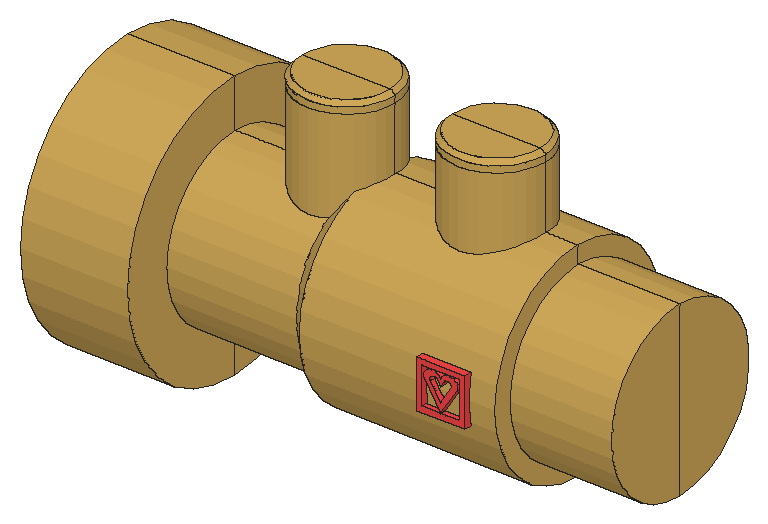
Revit family "Обратный клапан 2623", category Rohrzubehör, Revit 2021
Family settings
  Bemaßung runder Anschluss = Durchmesser verwenden
  Teiletyp = Unterbricht
  OmniClass-Nummer = 23.65.55.14
  OmniClass-Titel = Valves for Liquid Services
  Arbeitsebenenbasiert = Nein
  Immer vertikal = Ja
  Beim Laden mit Abzugskörper schneiden = Nein
  Gemeinsam genutzt = Nein
Parameters
  Уплотнение = "EPDM"  # constant formula
  Резьба = "согласно ISO 228"  # constant formula
  Примечание = "В соответствии со статьей 33 Регламента REACH (Registration; Evaluation; Authorisation; Restriction of Chemicals) (EC № 1907/2006) мы обязаны указать, что свинец внесен в список SVHC (Substances of Very High Concern - вещества очень высокой важности) и весовой процент свинца во всех латунных компонентах заводского изготовления в наших изделиях, превышает 0,1 % (w/w) (CAS: 7439-92-1 / EINECS: 231-100-4).\r\nПоскольку свинец является легирующим компонентом сплава, прямое негативное влияние исключается, и поэтому дополнительной информации о безопасном использовании не требуется."
  Область применения = "Может использоваться в системах отопления, в инженерных системах и сооружениях для предотвращения движения потока в обратном направлении.\r\nЭто изделие может использоваться с различными средами, при этом жидкости должны быть чистыми.\r\nКлапан может монтироваться в любом положении.\r\nНаправление движения потока указано стрелкой на корпусе клапана.\r\nОбратный клапан подпружинен с помощью осевой направляющей и может работать как при высоком, так и при низком давлении.\r\nВ корпусе есть два отверстия для замеров, в каждое из которых установлены заглушки 1/4\"."
  Номер заказа [instance] = size_lookup("2623_", "Artnr", 0, Nennweite)  # 1262304
  Мин. рабочая температура (вода) = 0.5 °C  # constant formula
  Мин. рабочая температура = -10 °C  # constant formula
  Макс. рабочее давление = 1600000.0 Pa  # constant formula
  Макс. рабочая температура = 95 °C  # constant formula
  Корпус = "штампованная латунь согласно EN 12420"  # constant formula
  W01 = 45.00°  # constant formula
  Vorgabe-Ansicht = 0.00 mm
  URL = "www.herz-armaturen.ru"
  Заглушка = "латунь"  # constant formula
  SC_NennweiteBerechnet = 0
  SC_Dimension = ""
  SCTWSEQ = "FW;SBT_TYP_FW=\"108\";2"
  SCTWCODE = "04;14;02"  # constant formula
  S03 = 10.00 mm  # constant formula
  S02 [instance] = L00 / 2  # 44.00 mm
  S01 [instance] = (L00 / 2) + L07 - L06  # 59.00 mm
  Обратный клапан = "POM (корпус),  NBR (O-Ring), нержавеющая сталь AISI 302 (пружина)"  # constant formula
  R01 = 9.00 mm  # constant formula
  Nennweite [instance] = 32.00 mm
  Среда = "чистая вода"  # constant formula
  LO1 [instance] = if(Nennweite = 20.00 mm, 18.00 mm, if(Nennweite = 25.00 mm, 18.00 mm, if(Nennweite = 32.00 mm, 24.00 mm, 1.00 mm)))  # 24.00 mm
  L07 [instance] = size_lookup("2623_", "L7", 1.00 mm, Nennweite)  # 20.00 mm
  L06 [instance] = size_lookup("2623_", "L6", 1.00 mm, Nennweite)  # 5.00 mm
  L05 [instance] = size_lookup("2623_", "L5", 1.00 mm, Nennweite) + L04  # 53.90 mm
  L04 [instance] = size_lookup("2623_", "L4", 1.00 mm, Nennweite)  # 25.90 mm
  L03 [instance] = size_lookup("2623_", "L3", 1.00 mm, Nennweite)  # 19.00 mm
  L02 [instance] = size_lookup("2623_", "L2", 1.00 mm, Nennweite)  # 32.50 mm
  L01 [instance] = size_lookup("2623_", "L1", 1.00 mm, Nennweite)  # 2.50 mm
  L00 [instance] = size_lookup("2623_", "L", 1.00 mm, Nennweite)  # 88.00 mm
  IG [instance] = Nennweite / 2  # 16.00 mm
  Hersteller = "HERZ Armaturen Ges.m.b.H."  # constant formula
  H02 = 2.00 mm  # constant formula
  H01 [instance] = size_lookup("2623_", "H1", 1.00 mm, Nennweite)  # 31.00 mm
  GT [instance] = size_lookup("2623_", "GT", 1.00 mm, Nennweite)  # 12.00 mm
  Накидная гайка = "штампованная латунь"  # constant formula
  D04 [instance] = size_lookup("2623_", "D4", 1.00 mm, Nennweite)  # 25.00 mm
  D03 [instance] = size_lookup("2623_", "D3", 1.00 mm, Nennweite)  # 19.30 mm
  D02 [instance] = size_lookup("2623_", "D2", 1.00 mm, Nennweite)  # 16.00 mm
  D01 [instance] = size_lookup("2623_", "D1", 1.00 mm, Nennweite)  # 18.90 mm
  AG [instance] = Nennweite / 2  # 16.00 mm
Reference planes
  plane 1 "Mitte (Vorne/hinten)": y = 0
  plane 2: z = 0
  plane 3 "Mitte (Links/rechts)": x = 0
Forms (mm)
  Revolve 1, solid, material "Messing, weicher Gelbton, geschweißt", detail levels fine
    sketch origin (0, 0, 0) x (1, 0, 0) y (0, 0, 1)
      loop
        line (-44, 0) -> (44, 0) -> (44, 16) -> (25, 16) -> (25, 19.3) -> (-11.5, 19.3) -> (-14.8, 16) -> (-41.5, 16) -> (-41.5, 18.9) -> (-44, 18.9) -> (-44, 0)
      axis (-44, 0) -> (44, 0)
    angle from 0 to 360
  Revolve 2, solid, material "Messing, weicher Gelbton, geschweißt", detail levels fine
    sketch origin (0, 0, 0) x (1, 0, 0) y (0, 0, 1)
      loop
        line (-18.1, 0) -> (-9.1, 0) -> (-9.1, 31) -> (-18.1, 31) -> (-18.1, 0)
      axis (-18.1, 31) -> (-18.1, 0)
    angle from 0 to 360
  Revolve 3, solid, material "Messing, weicher Gelbton, geschweißt", detail levels fine
    sketch origin (0, 0, 0) x (1, 0, 0) y (0, 0, 1)
      loop
        line (9.9, 0) -> (18.9, 0) -> (18.9, 31) -> (9.9, 31) -> (9.9, 0)
      axis (9.9, 31) -> (9.9, 0)
    angle from 0 to 360
  Revolve 4, solid, material "Messing, weicher Gelbton, geschweißt", detail levels fine
    sketch origin (0, 0, 0) x (1, 0, 0) y (0, 0, 1)
      loop
        line (-39, 0) -> (-39, 25) -> (-59, 25) -> (-59, 16) -> (-47, 16) -> (-47, 0) -> (-39, 0)
      axis (-59, 0) -> (-39, 0)
    angle from 0 to 360
  Revolve 5, solid, material "Messing, weicher Gelbton, geschweißt", detail levels fine
    sketch origin (0, 0, 0) x (1, 0, 0) y (0, 0, 1)
      loop
        line (-18.1, 31) -> (-9.1, 31) -> (-9.1, 32.2) -> (-9.9, 33) -> (-18.1, 33) -> (-18.1, 31)
      axis (-18.1, 33) -> (-18.1, 31)
    angle from 0 to 360
  Revolve 6, solid, material "Messing, weicher Gelbton, geschweißt", detail levels fine
    sketch origin (0, 0, 0) x (1, 0, 0) y (0, 0, 1)
      loop
        line (9.9, 31) -> (18.9, 31) -> (18.9, 32.2) -> (18.1, 33) -> (9.9, 33) -> (9.9, 31)
      axis (9.9, 31) -> (9.9, 33)
    angle from 0 to 360
Lines and regions (mm)
  model lines, detail levels coarse+medium
    curve 1: line (-59, 0, 25) -> (-59, 0, -25)
    curve 2: line (-59, 0, 25) -> (44, 0, -25)
    curve 3: line (44, 0, -25) -> (44, 0, 25)
    curve 4: circle (-59, 0, 25) r 10 normal (0, -1, 0)
    curve 5: line (-59, -25, 0) -> (-59, 25, 0)
    curve 6: line (-59, 25, 0) -> (44, -25, 0)
    curve 7: line (44, -25, 0) -> (44, 25, 0)
    curve 8: circle (-59, 25, 0) r 10 normal (0, 0, 1)
Dimensions and locks
  equal spacing: Revolve 1 sketch curve, plane 3 "Mitte (Links/rechts)", Revolve 1 sketch curve
  "L00": Revolve 1 sketch curve to Revolve 1 sketch curve
  "AG": Revolve 1 sketch curve to plane 2
  "L01": Revolve 1 sketch curve to Revolve 1 sketch curve
  "L02": Revolve 1 sketch curve to Revolve 1 sketch curve
  "D01": Revolve 1 sketch curve to plane 2
  "D02": Revolve 1 sketch curve to plane 2
  "D03": Revolve 1 sketch curve to plane 2
  "L03": Revolve 1 sketch curve to Revolve 1 sketch curve
  "R01": Revolve 2 sketch curve to Revolve 2 sketch curve
  "H01": Revolve 2 sketch curve to plane 2
  "L04": Revolve 1 to Revolve 2 sketch curve
  "L05": Revolve 1 to Revolve 3 sketch curve
  "R01": Revolve 3 sketch curve to Revolve 3 sketch curve
  "H01": Revolve 3 sketch curve to plane 2
  "D03": nested 1 to plane 1 "Mitte (Vorne/hinten)"
  "LO1": nested 1 to Revolve 1
  "L06": Revolve 1 to Revolve 4 sketch curve
  "L07": Revolve 4 sketch curve to Revolve 4 sketch curve
  "GT": Revolve 4 sketch curve to Revolve 4 sketch curve
  "D04": Revolve 4 sketch curve to plane 2
  "IG": Revolve 4 sketch curve to Revolve 4 sketch curve
  "H01": Revolve 5 sketch curve to plane 2
  "H02": Revolve 5 sketch curve to Revolve 5 sketch curve
  "R01": Revolve 5 sketch curve to Revolve 5 sketch curve
  "L04": Revolve 1 to Revolve 5 sketch curve
  "R01": Revolve 6 sketch curve to Revolve 6 sketch curve
  "H01": Revolve 6 sketch curve to plane 2
  "H02": Revolve 6 sketch curve to Revolve 6 sketch curve
  "L05": Revolve 6 sketch curve to Revolve 1
  "D04": curve 2 to plane 2 to curve 1
  "D04": curve 3 to plane 2 to curve 3
  "S01": curve 1 to plane 3 "Mitte (Links/rechts)"
  "S02": curve 3 to plane 3 "Mitte (Links/rechts)"
  "S01": plane 3 "Mitte (Links/rechts)" to curve 4
  "D04": curve 5 to plane 1 "Mitte (Vorne/hinten)" to curve 6
  "D04": curve 7 to plane 1 "Mitte (Vorne/hinten)" to curve 7
  "S01": curve 5 to plane 3 "Mitte (Links/rechts)"
  "S02": plane 3 "Mitte (Links/rechts)" to curve 7
  "S01": curve 8 to plane 3 "Mitte (Links/rechts)"
  "S03": radius of curve 4
  "S03": radius of curve 8
  "W01": angle Revolve 1 sketch curve to Revolve 1 sketch curve
  "W01": angle Revolve 5 sketch curve to Revolve 5 sketch curve
  "W01": angle Revolve 6 sketch curve to Revolve 6 sketch curve
  aligned and locked: level to plane 2
Automatic sketch dimensions
  curve 4 to curve 1 = 0.00 mm
  curve 8 to curve 5 = 0.00 mm
  Revolve 1 sketch curve to level = 0.00 mm  (x2)
  Revolve 1 sketch curve to Revolve 1 sketch curve = 0.00 mm
  Revolve 1 sketch curve to Revolve 1 sketch curve = 1805.148 mm
  Revolve 2 sketch curve to level = 0.00 mm  (x2)
  Revolve 2 sketch curve to Revolve 2 sketch curve = 0.00 mm  (x2)
  Revolve 3 sketch curve to level = 0.00 mm  (x2)
  Revolve 3 sketch curve to Revolve 3 sketch curve = 0.00 mm  (x2)
  Revolve 4 sketch curve to level = 0.00 mm  (x2)
  Revolve 4 sketch curve to Revolve 4 sketch curve = 1461.53 mm
  plane 3 "Mitte (Links/rechts)" to Revolve 4 sketch curve = 1839.148 mm
  Revolve 5 sketch curve to Revolve 5 sketch curve = 0.00 mm  (x3)
  Revolve 5 sketch curve to Revolve 5 sketch curve = 0.80 mm
  Revolve 6 sketch curve to Revolve 6 sketch curve = 0.00 mm  (x3)
  Revolve 6 sketch curve to Revolve 6 sketch curve = 0.80 mm
Nested families
  nested 1: "Herz-Logo-vorne" at (15.5, -19.3, 0) x (0, 1, 0) z (0, 0, 1), type "Herz-Logo-vorne", detail levels fine
Connectors
  piping at (44, 0, 0), diameter 32, driven by "Nennweite"
    settings: on Revolve 1, index 2, connector inside diameter 609.6 mm, connector length 0.00 mm, flow factor 0, pipe flow 0.0 L/s, pressure drop 0.0 Pa, fitting loss kfactor 0, connector angle 0.00°, fixture units 0, engagement length 0.00 mm, angle of deflection 0.00°, flow configuration 0, flow direction 2, fitting loss method 0, system type 29, joint type 0, gender type 0, connector reference index -1, connector utility 0, adjustable connector no, is connector primary yes, connector description ""
  piping at (-47, 0, 0), diameter 32, driven by "Nennweite"
    settings: on Revolve 4, index 3, connector inside diameter 609.6 mm, connector length 0.00 mm, flow factor 0, pipe flow 0.0 L/s, pressure drop 0.0 Pa, fitting loss kfactor 0, connector angle 0.00°, fixture units 0, engagement length 0.00 mm, angle of deflection 0.00°, flow configuration 0, flow direction 1, fitting loss method 0, system type 29, joint type 0, gender type 0, connector reference index -1, connector utility 0, adjustable connector no, is connector primary no, connector description ""
Definition of nested family "Herz-Logo-vorne"
  Parameters (values of type "Herz-Logo-vorne")
    Default Elevation = 0.00 mm
  Reference planes
    plane 1 "Mitte (Vorne/hinten)": y = 0
    plane 2: z = 0
    plane 3 "Mitte (Links/rechts)": x = 0
  Forms (mm)
    Extrusion 1, solid
      sketch origin (0.732, -0.018, 0.017) x (0, -1, 0) y (0, 0, 1)
        loop
          line (-0.018, -4.517) -> (4.482, -4.517) -> (4.482, 4.483) -> (-4.518, 4.483) -> (-4.518, -4.517) -> (-0.018, -4.517)
        loop
          line (-0.05, -3.48) -> (3.482, -3.48) -> (3.482, 3.483) -> (-3.518, 3.483) -> (-3.518, -3.48) -> (-0.05, -3.48)
        loop
          arc (-0.018, 2.383) -> (-1.543, 3.287) -> (-3.067, 2.383) r 1.738
          arc (-3.067, 2.383) -> (-3.191, 1.899) -> (-3.067, 1.415) r 1.009
          line (-3.067, 1.415) -> (-0.018, -3.281) -> (3.032, 1.415)
          arc (3.032, 1.415) -> (3.156, 1.899) -> (3.032, 2.383) r 1.009
          arc (3.032, 2.383) -> (1.507, 3.287) -> (-0.018, 2.383) r 1.738
        loop
          arc (1.885, 1.272) -> (2.005, 1.675) -> (1.885, 2.079) r 0.74
          arc (1.885, 2.079) -> (1.265, 2.416) -> (0.644, 2.079) r 0.74
          line (0.644, 2.079) -> (-0.018, 0.97) -> (-0.679, 2.079)
          arc (-0.679, 2.079) -> (-1.3, 2.416) -> (-1.921, 2.079) r 0.74
          arc (-1.921, 2.079) -> (-2.04, 1.675) -> (-1.921, 1.272) r 0.74
          line (-1.921, 1.272) -> (-0.018, -1.658) -> (1.885, 1.272)
      from 0 to 1.5
  Dimensions and locks
    aligned and locked: level to plane 2
